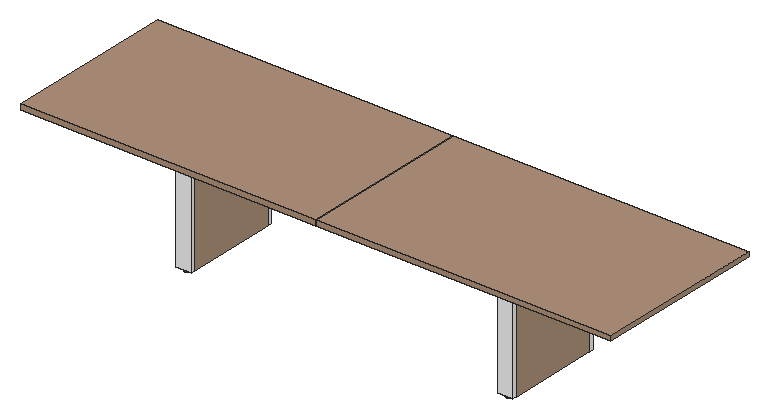
Revit family "Tables-Meeting-Teknion-BC_CRP_Rectangular_Conference_Table_Panel_Bases-R2019", category Furniture, Revit 2019
Family settings
  OmniClass Number = 23.40.20.00
  OmniClass Title = General Furniture and Specialties
  Work Plane-Based = No
  Always vertical = Yes
  Cut with Voids When Loaded = No
  Shared = Yes
  Room Calculation Point = No
Parameters (values of type "1 3/16" Worksurface Thickness, 42" Depth")
  Worksurface Thickness = 1.189"
  Worksurface Finish [instance] = Source Laminate - Teknion - 3M - Provincial Oak
  Width [instance] = 144.000"
  Warranty = "http://www.teknion.com/ca/papers/legal-canada"
  Unit Weight URL = "http://www.teknion.com/ca/tools/assets#&asset=bee6a381-b954-425e-8283-5a2de3a804f2,f828d448-4b62-4231-9e5f-9a8991c0ed77"
  URL = "www.teknion.com"
  Two Sections [instance] = not(Three Sections)  # yes
  To render please download texture images found here [instance] = "https://assets.teknion.com/web/5e81352c1dfdb467/revit-material-swatches/"
  Three Sections [instance] = Width > 175.000"  # no
  Third Leg Visibility [instance] = Width > 150.000"  # no
  Sustainability Data = "https://www.teknion.com/ca/tools/assets#&topic=216f99a5-57a0-44fc-b10a-9dee9b29ae4c&asset=444deb64-fe58-4b68-981e-f75e97781df7,b4ff2d81-9f2e-437d-9659-7cffb09c31cf"
  Support Finish [instance] = Paint - Teknion - Mica - Very White
  Straight Corner [instance] = not(Radius Corner)  # yes
  Series = "Expansion Casegoods"  # constant formula
  Rounded [instance] = if(Radius Corner, 4.000", 0.500")  # 0.500"
  Radius Corner [instance] = no
  Product Page URL = "https://www.teknion.com/ca/products/product-details?productlineid=0053336e-8e7a-673b-a6c8-ff00004460c4"
  Product Line = "Expansion Casegoods"  # constant formula
  Product Documentation Link = "https://www.teknion.com/pricing/expansion-casegoods/pdfs/BC_CRP_ppg.pdf"
  Power Pill Two Section Visibility [instance] = Power Pill Two Section Length Offset = 4.000"  # no
  Power Pill Two Section Length Offset [instance] = if(and(Power Pill Quad, Two Sections), 4.000", 0.500")  # 0.500"
  Power Pill Three Section Visibility [instance] = Power Pill Three Section Length Offset = 4.000"  # no
  Power Pill Three Section Length Offset [instance] = if(and(Power Pill Quad, Three Sections), 4.000", 0.500")  # 0.500"
  Power Pill Quad [instance] = no
  Power Module Cut-Out Options [instance] = "Select one of the options below"  # constant formula
  Part Number = "BC_CRP"  # constant formula
  No Cut-Out [instance] = not(or([Linear Power Module Extended  28"], [Linear Power Module Standard 18"], Power Pill Quad))  # yes
  Model = "BCMCRP42______"
  Manufacturer Phone = "416-661-3370"  # constant formula
  Manufacturer Fax = "416.661.4586"  # constant formula
  Manufacturer Contact Information = "http://www.teknion.com/ca/contactus"
  Manufacturer Address = "1150 Flint Road, Toronto, ON. M3J 2J5. Canada"  # constant formula
  Manufacturer = "Teknion"  # constant formula
  Linear Power Module Standard 18" [instance] = no
  Linear Power Module Extended  28" [instance] = no
  Linear 28 Length Offset [instance] = if([Linear Power Module Extended  28"], 4.000", 0.500")  # 0.500"
  Linear 18 Two Section Visibility [instance] = Linear 18 Two Section Length Offset = 4.000"  # no
  Linear 18 Two Section Length Offset [instance] = if(and([Linear Power Module Standard 18"], Two Sections), 4.000", 0.500")  # 0.500"
  Linear 18 Three Section Visibility [instance] = Linear 18 Three Section Length Offset = 4.000"  # no
  Linear 18 Three Section Length Offset [instance] = if(and([Linear Power Module Standard 18"], Three Sections), 4.000", 0.500")  # 0.500"
  Leg Offset [instance] = if(Width = 108.000", 26.730", if(Width = 120.000", 32.700", if(Width = 132.000", 26.670", if(Width = 144.000", 32.640", if(Width = 156.000", 26.610", if(Width = 168.000", 32.580", if(Width = 180.000", 26.550", if(Width = 192.000", 32.520", if(Width = 204.000", 26.490", 32.460")))))))))  # 32.640"
  How To Use Teknion Materials User Guide [instance] = "https://assets.teknion.com/m/205dd0a49fa58060/original/How-to-add-a-Material-Library-and-Texture-Images-to-your-Revit-project.pdf"
  Frame Depth = if(Depth > 53.000", 30.000", 24.000")  # 24.000"
  For Additional Finishes please visit [instance] = "https://assets.teknion.com/m/44a8009b046e5d47/original/Teknion_Materials_Library.zip"
  Description = "Rectangular Conference Table - Panel Bases, 1 3/16\" Worksurface Thickness, 42\" Depth"
  Depth = 41.790"
  Base Infill Finish [instance] = Source Laminate - Teknion - 3M - Provincial Oak
  Available Widths [instance] = if(Depth = 41.790", "108\", 120\", 132\", 144\", 156\", or 168\"", if(Depth = 47.760", "108\", 120\", 132\", 144\", 156\", or 168\"", if(Depth = 53.730", "120\", 132\", 144\", 156\", 168\", 180\", or 192\"", "144\", 156\", 168\", 180\", 192\", 204\", or 216\"")))  # "108\", 120\", 132\", 144\", 156\", or 168\""
  Available Corner Detail [instance] = "Select one of the options below"  # constant formula
  Assembly Code = "E2020200"
  Actual Width [instance] = if(Width = 108.000", 107.460", if(Width = 120.000", 119.460", if(Width = 132.000", 131.340", if(Width = 144.000", 143.280", if(Width = 156.000", 155.220", if(Width = 168.000", 167.160", if(Width = 180.000", 179.100", if(Width = 192.000", 191.040", if(Width = 204.000", 202.920", 214.920")))))))))  # 143.280"
  Three Straight [instance] = and(Straight Corner, Three Sections)  # no
  Three Round [instance] = and(Radius Corner, Three Sections)  # no
  Two Straight [instance] = and(Straight Corner, Two Sections)  # yes
  Two Round [instance] = and(Radius Corner, Two Sections)  # no
Types (8): name | Worksurface Thickness | Model | Frame Depth | Description | Depth | Available Widths
  (no name) | 1.189" | "BCMCRP42______" | 24.000" | "Rectangular Conference Table - Panel Bases, 1 3/16\" Worksurface Thickness, 42\" Depth" | 41.790" | "108\", 120\", 132\", 144\", 156\", or 168\""
  1 3/16" Worksurface Thickness, 60" Depth | 1.189" | "BCMCRP60______" | 30.000" | "Rectangular Conference Table - Panel Bases, 1 3/16\" Worksurface Thickness, 60\" Depth" | 59.700" | "144\", 156\", 168\", 180\", 192\", 204\", or 216\""
  1 3/16" Worksurface Thickness, 54" Depth | 1.189" | "BCMCRP54______" | 30.000" | "Rectangular Conference Table - Panel Bases, 1 3/16\" Worksurface Thickness, 54\" Depth" | 53.730" | "120\", 132\", 144\", 156\", 168\", 180\", or 192\""
  1 3/16" Worksurface Thickness, 48" Depth | 1.189" | "BCMCRP48______" | 24.000" | "Rectangular Conference Table - Panel Bases, 1 3/16\" Worksurface Thickness, 48\" Depth" | 47.760" | "108\", 120\", 132\", 144\", 156\", or 168\""
  1 3/16" Worksurface Thickness, 42" Depth | 1.189" | "BCMCRP42______" | 24.000" | "Rectangular Conference Table - Panel Bases, 1 3/16\" Worksurface Thickness, 42\" Depth" | 41.790" | "108\", 120\", 132\", 144\", 156\", or 168\""
  1 9/16" Worksurface Thickness, 42" Depth | 1.55491" | "BCXCRP42______" | 24.000" | "Rectangular Conference Table - Panel Bases, 1 9/16\" Worksurface Thickness, 42\" Depth" | 41.790" | "108\", 120\", 132\", 144\", 156\", or 168\""
  1 9/16" Worksurface Thickness, 48" Depth | 1.555" | "BCXCRP48______" | 24.000" | "Rectangular Conference Table - Panel Bases, 1 9/16\" Worksurface Thickness, 48\" Depth" | 47.760" | "108\", 120\", 132\", 144\", 156\", or 168\""
  1 9/16" Worksurface Thickness, 54" Depth | 1.55491" | "BCXCRP54______" | 30.000" | "Rectangular Conference Table - Panel Bases, 1 9/16\" Worksurface Thickness, 54\" Depth" | 53.730" | "120\", 132\", 144\", 156\", 168\", 180\", or 192\""
Reference planes (in)
  plane 1 "Center Front/Back": y = 0
  plane 2: z = 0
  plane 3 "Center Left/Right": x = 0
  plane 4 "Left": x = -71.64
  plane 5 "Right": x = 71.64
  plane 6 "Back": y = 20.895
  plane 7 "Front": y = -20.895
  plane 8 "Top": z = 28.99609
  plane 9: x = -39
  plane 10: x = 39
  plane 11: y = 12
  plane 12: y = -12
  plane 13: x = -23.88
  plane 14: x = 23.88
  plane 15: x = -47.76
  plane 16: x = 47.76
  plane 17: x = -35.82
  plane 18: x = 35.82
  plane 19: z = 27.80709
Forms (in)
  Sweep 1, solid, material "Source Laminate - Teknion - 3M - Provincial Oak" <- "Worksurface Finish", visible <- "Two Sections"
    path origin (0, 0, 0) x (1, 0, 0) y (0, 0, 1)
      loop
        line (0, 27.80709) -> (0, 28.99609)
    profile origin (0, 0, 28.40159) x (-1, 0, 0) y (0, -1, 0)
      loop
        line (71.64, -20.895) -> (71.64, 20.895) -> (0, 20.895) -> (0, -20.895) -> (71.64, -20.895)
  Sweep 2, solid, material "Source Laminate - Teknion - 3M - Provincial Oak" <- "Worksurface Finish", visible <- "Two Sections"
    path origin (0, 0, 0) x (1, 0, 0) y (0, 0, 1)
      loop
        line (0, 27.80709) -> (0, 28.99609)
    profile origin (0, 0, 28.40159) x (-1, 0, 0) y (0, -1, 0)
      loop
        line (0, -20.895) -> (0, 20.895) -> (-71.64, 20.895) -> (-71.64, -20.895) -> (0, -20.895)
  Sweep 3, solid, material "Source Laminate - Teknion - 3M - Provincial Oak" <- "Worksurface Finish", visible <- "Three Sections"
    path origin (0, 0, 0) x (1, 0, 0) y (0, 0, 1)
      loop
        line (0, 27.80709) -> (0, 28.99609)
    profile origin (0, 0, 28.40159) x (-1, 0, 0) y (0, -1, 0)
      loop
        line (71.64, -20.895) -> (71.64, 20.895) -> (23.88, 20.895) -> (23.88, -20.895) -> (71.64, -20.895)
      loop
        line (-23.88, -20.895) -> (-23.88, 20.895) -> (-71.64, 20.895) -> (-71.64, -20.895) -> (-23.88, -20.895)
  Sweep 4, solid, material "Source Laminate - Teknion - 3M - Provincial Oak" <- "Worksurface Finish", visible <- "Three Sections"
    path origin (0, 0, 0) x (1, 0, 0) y (0, 0, 1)
      loop
        line (0, 27.80709) -> (0, 28.99609)
    profile origin (0, 0, 28.40159) x (-1, 0, 0) y (0, -1, 0)
      loop
        line (23.88, -20.895) -> (23.88, 20.895) -> (-23.88, 20.895) -> (-23.88, -20.895) -> (23.88, -20.895)
  Sweep 5, solid, material "Source Laminate - Teknion - 3M - Provincial Oak" <- "Base Infill Finish"
    path origin (0, 0, 0) x (1, 0, 0) y (0, 0, 1)
      loop
        line (0, 0.60236) -> (0, 24.79134)
    profile origin (0, 0, 12.69685) x (-1, 0, 0) y (0, -1, 0)
      loop
        line (40.19685, 11.05512) -> (40.19685, -11.05512) -> (40.89764, -11.05512) -> (40.89764, 11.05512) -> (40.19685, 11.05512)
      loop
        line (37.80315, 11.05512) -> (37.10236, 11.05512) -> (37.10236, -11.05512) -> (37.80315, -11.05512) -> (37.80315, 11.05512)
      loop
        line (-40.19685, 11.05512) -> (-40.89764, 11.05512) -> (-40.89764, -11.05512) -> (-40.19685, -11.05512) -> (-40.19685, 11.05512)
      loop
        line (-37.80315, 11.05512) -> (-37.80315, -11.05512) -> (-37.10236, -11.05512) -> (-37.10236, 11.05512) -> (-37.80315, 11.05512)
  Sweep 6, solid, material "Paint - Teknion - Mica - Very White" <- "Support Finish"
    path origin (0, 0, 0) x (1, 0, 0) y (0, 0, 1)
      loop
        line (0, 27.80709) -> (0, 0.60236)
    profile origin (0, 0, 14.20472) x (0, -1, 0) y (1, 0, 0)
      loop
        line (-11.17323, -40.89764) -> (-11.17323, -40.19685) -> (-11.05512, -40.19685) -> (-11.05512, -37.80315) -> (-11.17323, -37.80315) -> (-11.17323, -37.10236) -> (-12, -37.10236) -> (-12, -40.89764) -> (-11.17323, -40.89764)
      loop
        line (11.17323, -40.89764) -> (12, -40.89764) -> (12, -37.10236) -> (11.17323, -37.10236) -> (11.17323, -37.80315) -> (11.05512, -37.80315) -> (11.05512, -40.19685) -> (11.17323, -40.19685) -> (11.17323, -40.89764)
      loop
        line (-11.17323, 40.89764) -> (-12, 40.89764) -> (-12, 37.10236) -> (-11.17323, 37.10236) -> (-11.17323, 37.80315) -> (-11.05512, 37.80315) -> (-11.05512, 40.19685) -> (-11.17323, 40.19685) -> (-11.17323, 40.89764)
      loop
        line (11.17323, 40.89764) -> (11.17323, 40.19685) -> (11.05512, 40.19685) -> (11.05512, 37.80315) -> (11.17323, 37.80315) -> (11.17323, 37.10236) -> (12, 37.10236) -> (12, 40.89764) -> (11.17323, 40.89764)
  Sweep 7, solid, material "Source Laminate - Teknion - 3M - Provincial Oak" <- "Base Infill Finish", visible <- "Third Leg Visibility"
    path origin (0, 0, 0) x (1, 0, 0) y (0, 0, 1)
      loop
        line (0, 0.60236) -> (0, 24.79134)
    profile origin (0, 0, 12.69685) x (-1, 0, 0) y (0, -1, 0)
      loop
        line (1.89764, -11.05512) -> (1.89764, 11.05512) -> (1.19685, 11.05512) -> (1.19685, -11.05512) -> (1.89764, -11.05512)
      loop
        line (-1.89764, -11.05512) -> (-1.19685, -11.05512) -> (-1.19685, 11.05512) -> (-1.89764, 11.05512) -> (-1.89764, -11.05512)
  Sweep 8, solid, material "Paint - Teknion - Mica - Very White" <- "Support Finish", visible <- "Third Leg Visibility"
    path origin (0, 0, 0) x (1, 0, 0) y (0, 0, 1)
      loop
        line (0, 27.80709) -> (0, 0.60236)
    profile origin (0, 0, 14.20472) x (0, -1, 0) y (1, 0, 0)
      loop
        line (-12, -1.89764) -> (-11.17323, -1.89764) -> (-11.17323, -1.19685) -> (-11.05512, -1.19685) -> (-11.05512, 1.19685) -> (-11.17323, 1.19685) -> (-11.17323, 1.89764) -> (-12, 1.89764) -> (-12, -1.89764)
      loop
        line (12, -1.89764) -> (12, 1.89764) -> (11.17323, 1.89764) -> (11.17323, 1.19685) -> (11.05512, 1.19685) -> (11.05512, -1.19685) -> (11.17323, -1.19685) -> (11.17323, -1.89764) -> (12, -1.89764)
  Sweep 9, solid, material "Plastic - Teknion - E - Ebony"
    path origin (0, 0, 0) x (1, 0, 0) y (0, 0, 1)
      loop
        line (0, 0) -> (0, 0.60236)
    profile origin (0, 0, 0.30118) x (-1, 0, 0) y (0, -1, 0)
      loop
        circle (39, -10.71654) r 0.83
      loop
        circle (39, 10.71654) r 0.83
      loop
        circle (-39, -10.71654) r 0.83
      loop
        circle (-39, 10.71654) r 0.83
  Sweep 10, solid, material "Plastic - Teknion - E - Ebony", visible <- "Third Leg Visibility"
    path origin (0, 0, 0) x (1, 0, 0) y (0, 0, 1)
      loop
        line (0, 0) -> (0, 0.60236)
    profile origin (0, 0, 0.30118) x (-1, 0, 0) y (0, -1, 0)
      loop
        circle (0, -10.71654) r 0.83
      loop
        circle (0, 10.71654) r 0.83
  Sweep 11, void
    path origin (0, 0, 0) x (1, 0, 0) y (0, 0, 1)
      loop
        line (0, 26.49609) -> (0, 25.99609)
    profile origin (0, 0, 26.24609) x (0, -1, 0) y (1, 0, 0)
      loop
        line (20.895, -71.64) -> (20.895, -68.765)
        arc (20.895, -68.765) -> (20.05293, -70.79793) -> (18.02, -71.64) r 2.875
        line (18.02, -71.64) -> (20.895, -71.64)
      loop
        line (-20.895, -71.64) -> (-18.02, -71.64)
        arc (-18.02, -71.64) -> (-20.05293, -70.79793) -> (-20.895, -68.765) r 2.875
        line (-20.895, -68.765) -> (-20.895, -71.64)
      loop
        line (20.895, 71.64) -> (18.02, 71.64)
        arc (18.02, 71.64) -> (20.05293, 70.79793) -> (20.895, 68.765) r 2.875
        line (20.895, 68.765) -> (20.895, 71.64)
      loop
        line (-20.895, 71.64) -> (-20.895, 68.765)
        arc (-20.895, 68.765) -> (-20.05293, 70.79793) -> (-18.02, 71.64) r 2.875
        line (-18.02, 71.64) -> (-20.895, 71.64)
  Sweep 12, void
    path origin (0, 0, 0) x (1, 0, 0) y (0, 0, 1)
      loop
        line (0, 25.99609) -> (0, 26.49609)
    profile origin (0, 0, 26.24609) x (-1, 0, 0) y (0, -1, 0)
      loop
        line (13.4252, -2.32283) -> (13.4252, 2.32283) -> (-13.4252, 2.32283) -> (-13.4252, -2.32283) -> (13.4252, -2.32283)
  Sweep 13, void
    path origin (0, 0, 0) x (1, 0, 0) y (0, 0, 1)
      loop
        line (0, 25.99609) -> (0, 26.49609)
    profile origin (0, 0, 26.24609) x (-1, 0, 0) y (0, -1, 0)
      loop
        line (44.20583, 2.32283) -> (27.43417, 2.32283) -> (27.43417, -2.32283) -> (44.20583, -2.32283) -> (44.20583, 2.32283)
      loop
        line (-44.20583, 2.32283) -> (-44.20583, -2.32283) -> (-27.43417, -2.32283) -> (-27.43417, 2.32283) -> (-44.20583, 2.32283)
  Sweep 14, void
    path origin (0, 0, 0) x (1, 0, 0) y (0, 0, 1)
      loop
        line (0, 25.99609) -> (0, 26.49609)
    profile origin (0, 0, 26.24609) x (-1, 0, 0) y (0, -1, 0)
      loop
        line (8.38583, 2.32283) -> (-8.38583, 2.32283) -> (-8.38583, -2.32283) -> (8.38583, -2.32283) -> (8.38583, 2.32283)
      loop
        line (-39.37417, 2.32283) -> (-56.14583, 2.32283) -> (-56.14583, -2.32283) -> (-39.37417, -2.32283) -> (-39.37417, 2.32283)
      loop
        line (56.14583, 2.32283) -> (39.37417, 2.32283) -> (39.37417, -2.32283) -> (56.14583, -2.32283) -> (56.14583, 2.32283)
  Sweep 15, void
    path origin (0, 0, 0) x (1, 0, 0) y (0, 0, 1)
      loop
        line (0, 26.49609) -> (0, 25.99609)
    profile origin (0, 0, 26.24609) x (0, -1, 0) y (1, 0, 0)
      loop
        arc (-1.65354, 33.57591) -> (0, 31.92236) -> (1.65354, 33.57591) r 1.65354
        line (1.65354, 33.57591) -> (1.65354, 38.06409)
        arc (1.65354, 38.06409) -> (0, 39.71764) -> (-1.65354, 38.06409) r 1.65354
        line (-1.65354, 38.06409) -> (-1.65354, 33.57591)
      loop
        arc (-1.65354, -38.06409) -> (0, -39.71764) -> (1.65354, -38.06409) r 1.65354
        line (1.65354, -38.06409) -> (1.65354, -33.57591)
        arc (1.65354, -33.57591) -> (0, -31.92236) -> (-1.65354, -33.57591) r 1.65354
        line (-1.65354, -33.57591) -> (-1.65354, -38.06409)
  Sweep 16, void
    path origin (0, 0, 0) x (1, 0, 0) y (0, 0, 1)
      loop
        line (0, 25.99609) -> (0, 26.49609)
    profile origin (0, 0, 26.24609) x (-1, 0, 0) y (0, -1, 0)
      loop
        arc (2.24409, -1.65354) -> (3.89764, 0) -> (2.24409, 1.65354) r 1.65354
        line (2.24409, 1.65354) -> (-2.24409, 1.65354)
        arc (-2.24409, 1.65354) -> (-3.89764, 0) -> (-2.24409, -1.65354) r 1.65354
        line (-2.24409, -1.65354) -> (2.24409, -1.65354)
      loop
        arc (-45.51591, -1.65354) -> (-43.86236, 0) -> (-45.51591, 1.65354) r 1.65354
        line (-45.51591, 1.65354) -> (-50.00409, 1.65354)
        arc (-50.00409, 1.65354) -> (-51.65764, 0) -> (-50.00409, -1.65354) r 1.65354
        line (-50.00409, -1.65354) -> (-45.51591, -1.65354)
      loop
        arc (50.00409, -1.65354) -> (51.65764, 0) -> (50.00409, 1.65354) r 1.65354
        line (50.00409, 1.65354) -> (45.51591, 1.65354)
        arc (45.51591, 1.65354) -> (43.86236, 0) -> (45.51591, -1.65354) r 1.65354
        line (45.51591, -1.65354) -> (50.00409, -1.65354)
Cuts and joins
  Sweep 11, Sweep 14, Sweep 16 cuts Sweep 3
  Sweep 11, Sweep 12, Sweep 13, Sweep 15 cuts Sweep 1
  Sweep 11, Sweep 12, Sweep 13, Sweep 15 cuts Sweep 2
  Sweep 12, Sweep 14, Sweep 16 cuts Sweep 4
Lines and regions (in)
  Masking region 1, visible <- "Two Straight"
    outline origin (0, 0, 0) x (1, 0, 0) y (0, 1, 0)
      loop
        line (0, 20.895) -> (-71.64, 20.895) -> (-71.64, -20.895) -> (0, -20.895) -> (0, 20.895)
  Masking region 2, visible <- "Two Straight"
    outline origin (0, 0, 0) x (1, 0, 0) y (0, 1, 0)
      loop
        line (0, 20.895) -> (0, -20.895) -> (71.64, -20.895) -> (71.64, 20.895) -> (0, 20.895)
  Masking region 3, visible <- "Three Sections"
    outline origin (0, 0, 0) x (1, 0, 0) y (0, 1, 0)
      loop
        line (-23.88, 20.895) -> (-23.88, -20.895) -> (23.88, -20.895) -> (23.88, 20.895) -> (-23.88, 20.895)
  Masking region 4, visible <- "Three Straight"
    outline origin (0, 0, 0) x (1, 0, 0) y (0, 1, 0)
      loop
        line (-71.64, 20.895) -> (-71.64, -20.895) -> (-23.88, -20.895) -> (-23.88, 20.895) -> (-71.64, 20.895)
  Masking region 5, visible <- "Three Straight"
    outline origin (0, 0, 0) x (1, 0, 0) y (0, 1, 0)
      loop
        line (23.88, 20.895) -> (23.88, -20.895) -> (71.64, -20.895) -> (71.64, 20.895) -> (23.88, 20.895)
  Masking region 6, visible <- "Three Round"
    outline origin (0, 0, 0) x (1, 0, 0) y (0, 1, 0)
      loop
        line (-71.64, 18.02) -> (-71.64, -18.02)
        arc (-71.64, -18.02) -> (-70.79793, -20.05293) -> (-68.765, -20.895) r 2.875
        line (-68.765, -20.895) -> (-23.88, -20.895) -> (-23.88, 20.895) -> (-68.765, 20.895)
        arc (-68.765, 20.895) -> (-70.79793, 20.05293) -> (-71.64, 18.02) r 2.875
      loop
        arc (71.64, 18.02) -> (70.79793, 20.05293) -> (68.765, 20.895) r 2.875
        line (68.765, 20.895) -> (23.88, 20.895) -> (23.88, -20.895) -> (68.765, -20.895)
        arc (68.765, -20.895) -> (70.79793, -20.05293) -> (71.64, -18.02) r 2.875
        line (71.64, -18.02) -> (71.64, 18.02)
  Masking region 7, visible <- "Two Round"
    outline origin (0, 0, 0) x (1, 0, 0) y (0, 1, 0)
      loop
        line (0, 20.895) -> (-68.765, 20.895)
        arc (-68.765, 20.895) -> (-70.79793, 20.05293) -> (-71.64, 18.02) r 2.875
        line (-71.64, 18.02) -> (-71.64, -18.02)
        arc (-71.64, -18.02) -> (-70.79793, -20.05293) -> (-68.765, -20.895) r 2.875
        line (-68.765, -20.895) -> (0, -20.895) -> (0, 20.895)
  Masking region 8, visible <- "Two Round"
    outline origin (0, 0, 0) x (1, 0, 0) y (0, 1, 0)
      loop
        line (0, 20.895) -> (0, -20.895) -> (68.765, -20.895)
        arc (68.765, -20.895) -> (70.79793, -20.05293) -> (71.64, -18.02) r 2.875
        line (71.64, -18.02) -> (71.64, 18.02)
        arc (71.64, 18.02) -> (70.79793, 20.05293) -> (68.765, 20.895) r 2.875
        line (68.765, 20.895) -> (0, 20.895)
  symbolic lines, style "FurnitureHiddenLines", detail levels medium+fine
    curve 1: line (-40.89764, 11.05512, 0) -> (-40.89764, -11.05512, 0)
    curve 2: line (-40.89764, -11.05512, 0) -> (-40.19685, -11.05512, 0)
    curve 3: line (-40.19685, -11.05512, 0) -> (-40.19685, 11.05512, 0)
    curve 4: line (-40.19685, 11.05512, 0) -> (-40.89764, 11.05512, 0)
    curve 5: line (-37.80315, 11.05512, 0) -> (-37.80315, -11.05512, 0)
    curve 6: line (-37.80315, -11.05512, 0) -> (-37.10236, -11.05512, 0)
    curve 7: line (-37.10236, -11.05512, 0) -> (-37.10236, 11.05512, 0)
    curve 8: line (-37.10236, 11.05512, 0) -> (-37.80315, 11.05512, 0)
    curve 9: line (40.89764, -11.05512, 0) -> (40.89764, 11.05512, 0)
    curve 10: line (40.89764, 11.05512, 0) -> (40.19685, 11.05512, 0)
    curve 11: line (40.19685, 11.05512, 0) -> (40.19685, -11.05512, 0)
    curve 12: line (40.19685, -11.05512, 0) -> (40.89764, -11.05512, 0)
    curve 13: line (37.10236, 11.05512, 0) -> (37.10236, -11.05512, 0)
    curve 14: line (37.10236, -11.05512, 0) -> (37.80315, -11.05512, 0)
    curve 15: line (37.80315, -11.05512, 0) -> (37.80315, 11.05512, 0)
    curve 16: line (37.80315, 11.05512, 0) -> (37.10236, 11.05512, 0)
    curve 17: line (-37.10236, 12, 0) -> (-40.89764, 12, 0)
    curve 18: line (-40.89764, 12, 0) -> (-40.89764, 11.17323, 0)
    curve 19: line (-40.89764, 11.17323, 0) -> (-40.19685, 11.17323, 0)
    curve 20: line (-40.19685, 11.17323, 0) -> (-40.19685, 11.05512, 0)
    curve 21: line (-40.19685, 11.05512, 0) -> (-37.80315, 11.05512, 0)
    curve 22: line (-37.80315, 11.05512, 0) -> (-37.80315, 11.17323, 0)
    curve 23: line (-37.80315, 11.17323, 0) -> (-37.10236, 11.17323, 0)
    curve 24: line (-37.10236, 11.17323, 0) -> (-37.10236, 12, 0)
    curve 25: line (-37.80315, -11.05512, 0) -> (-40.19685, -11.05512, 0)
    curve 26: line (-40.19685, -11.05512, 0) -> (-40.19685, -11.17323, 0)
    curve 27: line (-40.19685, -11.17323, 0) -> (-40.89764, -11.17323, 0)
    curve 28: line (-40.89764, -11.17323, 0) -> (-40.89764, -12, 0)
    curve 29: line (-40.89764, -12, 0) -> (-37.10236, -12, 0)
    curve 30: line (-37.10236, -12, 0) -> (-37.10236, -11.17323, 0)
    curve 31: line (-37.10236, -11.17323, 0) -> (-37.80315, -11.17323, 0)
    curve 32: line (-37.80315, -11.17323, 0) -> (-37.80315, -11.05512, 0)
    curve 33: line (37.10236, 12, 0) -> (37.10236, 11.17323, 0)
    curve 34: line (37.10236, 11.17323, 0) -> (37.80315, 11.17323, 0)
    curve 35: line (37.80315, 11.17323, 0) -> (37.80315, 11.05512, 0)
    curve 36: line (37.80315, 11.05512, 0) -> (40.19685, 11.05512, 0)
    curve 37: line (40.19685, 11.05512, 0) -> (40.19685, 11.17323, 0)
    curve 38: line (40.19685, 11.17323, 0) -> (40.89764, 11.17323, 0)
    curve 39: line (40.89764, 11.17323, 0) -> (40.89764, 12, 0)
    curve 40: line (40.89764, 12, 0) -> (37.10236, 12, 0)
    curve 41: line (37.10236, -11.17323, 0) -> (37.10236, -12, 0)
    curve 42: line (37.10236, -12, 0) -> (40.89764, -12, 0)
    curve 43: line (40.89764, -12, 0) -> (40.89764, -11.17323, 0)
    curve 44: line (40.89764, -11.17323, 0) -> (40.19685, -11.17323, 0)
    curve 45: line (40.19685, -11.17323, 0) -> (40.19685, -11.05512, 0)
    curve 46: line (40.19685, -11.05512, 0) -> (37.80315, -11.05512, 0)
    curve 47: line (37.80315, -11.05512, 0) -> (37.80315, -11.17323, 0)
    curve 48: line (37.80315, -11.17323, 0) -> (37.10236, -11.17323, 0)
  symbolic lines, style "FurnitureHiddenLines", visible <- "Third Leg Visibility", detail levels medium+fine
    curve 49: line (-1.19685, -11.05512, 0) -> (-1.19685, 11.05512, 0)
    curve 50: line (-1.19685, 11.05512, 0) -> (-1.89764, 11.05512, 0)
    curve 51: line (-1.89764, 11.05512, 0) -> (-1.89764, -11.05512, 0)
    curve 52: line (-1.89764, -11.05512, 0) -> (-1.19685, -11.05512, 0)
    curve 53: line (1.89764, -11.05512, 0) -> (1.89764, 11.05512, 0)
    curve 54: line (1.89764, 11.05512, 0) -> (1.19685, 11.05512, 0)
    curve 55: line (1.19685, 11.05512, 0) -> (1.19685, -11.05512, 0)
    curve 56: line (1.19685, -11.05512, 0) -> (1.89764, -11.05512, 0)
    curve 57: line (-1.89764, -12, 0) -> (1.89764, -12, 0)
    curve 58: line (1.89764, -12, 0) -> (1.89764, -11.17323, 0)
    curve 59: line (1.89764, -11.17323, 0) -> (1.19685, -11.17323, 0)
    curve 60: line (1.19685, -11.17323, 0) -> (1.19685, -11.05512, 0)
    curve 61: line (1.19685, -11.05512, 0) -> (-1.19685, -11.05512, 0)
    curve 62: line (-1.19685, -11.05512, 0) -> (-1.19685, -11.17323, 0)
    curve 63: line (-1.19685, -11.17323, 0) -> (-1.89764, -11.17323, 0)
    curve 64: line (-1.89764, -11.17323, 0) -> (-1.89764, -12, 0)
    curve 65: line (-1.89764, 12, 0) -> (-1.89764, 11.17323, 0)
    curve 66: line (-1.89764, 11.17323, 0) -> (-1.19685, 11.17323, 0)
    curve 67: line (-1.19685, 11.17323, 0) -> (-1.19685, 11.05512, 0)
    curve 68: line (-1.19685, 11.05512, 0) -> (1.19685, 11.05512, 0)
    curve 69: line (1.19685, 11.05512, 0) -> (1.19685, 11.17323, 0)
    curve 70: line (1.19685, 11.17323, 0) -> (1.89764, 11.17323, 0)
    curve 71: line (1.89764, 11.17323, 0) -> (1.89764, 12, 0)
    curve 72: line (1.89764, 12, 0) -> (-1.89764, 12, 0)
  symbolic lines, style "FurnitureHiddenLines", detail levels fine
    curve 73: arc (-39.83, 10.71654, 0) -> (-39, 9.88654, 0) -> (-38.17, 10.71654, 0) r 0.83
    curve 74: arc (-38.17, 10.71654, 0) -> (-39, 11.54654, 0) -> (-39.83, 10.71654, 0) r 0.83
    curve 75: arc (-38.17, -10.71654, 0) -> (-39, -9.88654, 0) -> (-39.83, -10.71654, 0) r 0.83
    curve 76: arc (-39.83, -10.71654, 0) -> (-39, -11.54654, 0) -> (-38.17, -10.71654, 0) r 0.83
    curve 81: arc (38.17, 10.71654, 0) -> (39, 9.88654, 0) -> (39.83, 10.71654, 0) r 0.83
    curve 82: arc (39.83, 10.71654, 0) -> (39, 11.54654, 0) -> (38.17, 10.71654, 0) r 0.83
    curve 83: arc (39.83, -10.71654, 0) -> (39, -9.88654, 0) -> (38.17, -10.71654, 0) r 0.83
    curve 84: arc (38.17, -10.71654, 0) -> (39, -11.54654, 0) -> (39.83, -10.71654, 0) r 0.83
  symbolic lines, style "FurnitureHiddenLines", visible <- "Third Leg Visibility", detail levels fine
    curve 77: arc (0.83, -10.71654, 0) -> (0, -9.88654, 0) -> (-0.83, -10.71654, 0) r 0.83
    curve 78: arc (-0.83, -10.71654, 0) -> (0, -11.54654, 0) -> (0.83, -10.71654, 0) r 0.83
    curve 79: arc (-0.83, 10.71654, 0) -> (0, 9.88654, 0) -> (0.83, 10.71654, 0) r 0.83
    curve 80: arc (0.83, 10.71654, 0) -> (0, 11.54654, 0) -> (-0.83, 10.71654, 0) r 0.83
  symbolic lines, visible <- "Power Pill Two Section Visibility"
    curve 85: line (-38.06409, -1.65354, 0) -> (-33.57591, -1.65354, 0)
    curve 86: arc (-33.57591, -1.65354, 0) -> (-31.92236, 0, 0) -> (-33.57591, 1.65354, 0) r 1.65354
    curve 87: line (-33.57591, 1.65354, 0) -> (-38.06409, 1.65354, 0)
    curve 88: arc (-38.06409, 1.65354, 0) -> (-39.71764, 0, 0) -> (-38.06409, -1.65354, 0) r 1.65354
    curve 89: line (38.06409, 1.65354, 0) -> (33.57591, 1.65354, 0)
    curve 90: arc (33.57591, 1.65354, 0) -> (31.92236, 0, 0) -> (33.57591, -1.65354, 0) r 1.65354
    curve 91: line (33.57591, -1.65354, 0) -> (38.06409, -1.65354, 0)
    curve 92: arc (38.06409, -1.65354, 0) -> (39.71764, 0, 0) -> (38.06409, 1.65354, 0) r 1.65354
  symbolic lines, visible <- "Linear 18 Two Section Visibility"
    curve 93: line (-44.20583, -2.32283, 0) -> (-27.43417, -2.32283, 0)
    curve 94: line (-27.43417, -2.32283, 0) -> (-27.43417, 2.32283, 0)
    curve 95: line (-27.43417, 2.32283, 0) -> (-44.20583, 2.32283, 0)
    curve 96: line (-44.20583, 2.32283, 0) -> (-44.20583, -2.32283, 0)
    curve 97: line (27.43417, -2.32283, 0) -> (44.20583, -2.32283, 0)
    curve 98: line (44.20583, -2.32283, 0) -> (44.20583, 2.32283, 0)
    curve 99: line (44.20583, 2.32283, 0) -> (27.43417, 2.32283, 0)
    curve 100: line (27.43417, 2.32283, 0) -> (27.43417, -2.32283, 0)
  symbolic lines, visible <- "Linear Power Module Extended  28""
    curve 101: line (13.4252, 2.32283, 0) -> (-13.4252, 2.32283, 0)
    curve 102: line (-13.4252, 2.32283, 0) -> (-13.4252, -2.32283, 0)
    curve 103: line (-13.4252, -2.32283, 0) -> (13.4252, -2.32283, 0)
    curve 104: line (13.4252, -2.32283, 0) -> (13.4252, 2.32283, 0)
  symbolic lines, visible <- "Linear 18 Three Section Visibility"
    curve 105: line (-8.38583, 2.32283, 0) -> (-8.38583, -2.32283, 0)
    curve 106: line (-8.38583, -2.32283, 0) -> (8.38583, -2.32283, 0)
    curve 107: line (8.38583, -2.32283, 0) -> (8.38583, 2.32283, 0)
    curve 108: line (8.38583, 2.32283, 0) -> (-8.38583, 2.32283, 0)
    curve 109: line (-56.14583, -2.32283, 0) -> (-39.37417, -2.32283, 0)
    curve 110: line (-39.37417, -2.32283, 0) -> (-39.37417, 2.32283, 0)
    curve 111: line (-39.37417, 2.32283, 0) -> (-56.14583, 2.32283, 0)
    curve 112: line (-56.14583, 2.32283, 0) -> (-56.14583, -2.32283, 0)
    curve 113: line (39.37417, -2.32283, 0) -> (56.14583, -2.32283, 0)
    curve 114: line (56.14583, -2.32283, 0) -> (56.14583, 2.32283, 0)
    curve 115: line (56.14583, 2.32283, 0) -> (39.37417, 2.32283, 0)
    curve 116: line (39.37417, 2.32283, 0) -> (39.37417, -2.32283, 0)
  symbolic lines, visible <- "Power Pill Three Section Visibility"
    curve 117: arc (-2.24409, 1.65354, 0) -> (-3.89764, 0, 0) -> (-2.24409, -1.65354, 0) r 1.65354
    curve 118: line (-2.24409, -1.65354, 0) -> (2.24409, -1.65354, 0)
    curve 119: arc (2.24409, -1.65354, 0) -> (3.89764, 0, 0) -> (2.24409, 1.65354, 0) r 1.65354
    curve 120: line (2.24409, 1.65354, 0) -> (-2.24409, 1.65354, 0)
    curve 121: line (50.00409, 1.65354, 0) -> (45.51591, 1.65354, 0)
    curve 122: arc (45.51591, 1.65354, 0) -> (43.86236, 0, 0) -> (45.51591, -1.65354, 0) r 1.65354
    curve 123: line (45.51591, -1.65354, 0) -> (50.00409, -1.65354, 0)
    curve 124: arc (50.00409, -1.65354, 0) -> (51.65764, 0, 0) -> (50.00409, 1.65354, 0) r 1.65354
    curve 125: line (-45.51591, 1.65354, 0) -> (-50.00409, 1.65354, 0)
    curve 126: arc (-50.00409, 1.65354, 0) -> (-51.65764, 0, 0) -> (-50.00409, -1.65354, 0) r 1.65354
    curve 127: line (-50.00409, -1.65354, 0) -> (-45.51591, -1.65354, 0)
    curve 128: arc (-45.51591, -1.65354, 0) -> (-43.86236, 0, 0) -> (-45.51591, 1.65354, 0) r 1.65354
Dimensions and locks (in)
  "Actual Width": plane 4 "Left" to plane 5 "Right"
  "Depth": plane 6 "Back" to plane 7 "Front"
  locked: plane 19 to level at 27.80709
  equal spacing: plane 4 "Left", plane 3 "Center Left/Right", plane 5 "Right"
  equal spacing: plane 6 "Back", plane 1 "Center Front/Back", plane 7 "Front"
  "Leg Offset": plane 4 "Left" to plane 9
  "Leg Offset": plane 10 to plane 5 "Right"
  equal spacing: plane 11, plane 1 "Center Front/Back", plane 12
  "Frame Depth": plane 11 to plane 12
  equal spacing: plane 4 "Left", plane 13, plane 14, plane 5 "Right"
  locked: Sweep 1 sketch curve to level at 27.80709
  locked: Sweep 2 sketch curve to level at 27.80709
  locked: Sweep 3 sketch curve to level at 27.80709
  locked: Sweep 4 sketch curve to level at 27.80709
  Sweep 5 sketch curve to Sweep 5 sketch curve to level = 24.18898" locked, 0.60236" locked
  Sweep 5 sketch curve to Sweep 5 sketch curve to plane 9 to Sweep 5 sketch curve to Sweep 5 sketch curve = 0.70078" locked, 1.19685" locked, 1.19685" locked, 0.70078" locked
  Sweep 5 sketch curve to Sweep 5 sketch curve to plane 10 to Sweep 5 sketch curve to Sweep 5 sketch curve = 0.70078" locked, 1.19685" locked, 1.19685" locked, 0.70078" locked
  plane 11 to Sweep 5 sketch curve to Sweep 5 sketch curve to Sweep 5 sketch curve to Sweep 5 sketch curve = 0.94488" locked, 0.000" locked, 0.000" locked, 0.000" locked
  Sweep 5 sketch curve to Sweep 5 sketch curve to Sweep 5 sketch curve to Sweep 5 sketch curve to plane 12 = 0.000" locked, 0.000" locked, 0.000" locked, 0.94488" locked
  Sweep 6 sketch curve to Sweep 6 sketch curve to level = 27.20472" locked, 0.60236" locked
  Sweep 6 sketch curve to Sweep 6 sketch curve to Sweep 6 sketch curve to Sweep 6 sketch curve to plane 9 to Sweep 6 sketch curve to Sweep 6 sketch curve to Sweep 6 sketch curve to Sweep 6 sketch curve = 0.000" locked, 0.70078" locked, 0.000" locked, 1.19685" locked, 1.19685" locked, 0.000" locked, 0.70078" locked, 0.000" locked
  Sweep 6 sketch curve to Sweep 6 sketch curve to Sweep 6 sketch curve to Sweep 6 sketch curve to plane 10 to Sweep 6 sketch curve to Sweep 6 sketch curve to Sweep 6 sketch curve to Sweep 6 sketch curve = 0.000" locked, 0.70078" locked, 0.000" locked, 1.19685" locked, 1.19685" locked, 0.000" locked, 0.70078" locked, 0.000" locked
  plane 11 to Sweep 6 sketch curve to Sweep 6 sketch curve to Sweep 6 sketch curve to Sweep 6 sketch curve to Sweep 6 sketch curve to Sweep 6 sketch curve to Sweep 6 sketch curve to Sweep 6 sketch curve = 0.000" locked, 0.000" locked, 0.82677" locked, 0.000" locked, 0.000" locked, 0.000" locked, 0.11811" locked, 0.000" locked
  Sweep 6 sketch curve to Sweep 6 sketch curve to Sweep 6 sketch curve to Sweep 6 sketch curve to Sweep 6 sketch curve to Sweep 6 sketch curve to plane 12 to Sweep 6 sketch curve to Sweep 6 sketch curve = 0.000" locked, 0.11811" locked, 0.000" locked, 0.000" locked, 0.000" locked, 0.82677" locked, 0.000" locked, 0.000" locked
  Sweep 7 sketch curve to Sweep 7 sketch curve to level = 24.18898" locked, 0.60236" locked
  Sweep 7 sketch curve to Sweep 7 sketch curve to plane 12 = 0.000" locked, 0.94488" locked
  plane 11 to Sweep 7 sketch curve to Sweep 7 sketch curve = 0.94488" locked, 0.000" locked
  Sweep 7 sketch curve to Sweep 7 sketch curve to plane 3 "Center Left/Right" to Sweep 7 sketch curve to Sweep 7 sketch curve = 0.70079" locked, 1.19685" locked, 1.19685" locked, 0.70079" locked
  Sweep 8 sketch curve to Sweep 8 sketch curve to level = 27.20472" locked, 0.60236" locked
  Sweep 8 sketch curve to Sweep 8 sketch curve to Sweep 8 sketch curve to Sweep 8 sketch curve to plane 3 "Center Left/Right" to Sweep 8 sketch curve to Sweep 8 sketch curve to Sweep 8 sketch curve to Sweep 8 sketch curve = 0.000" locked, 0.70079" locked, 0.000" locked, 1.19685" locked, 1.19685" locked, 0.000" locked, 0.70079" locked, 0.000" locked
  Sweep 8 sketch curve to Sweep 8 sketch curve to Sweep 8 sketch curve to plane 12 to Sweep 8 sketch curve = 0.11811" locked, 0.000" locked, 0.82677" locked, 0.000" locked
  Sweep 8 sketch curve to plane 11 to Sweep 8 sketch curve to Sweep 8 sketch curve to Sweep 8 sketch curve = 0.000" locked, 0.82677" locked, 0.000" locked, 0.11811" locked
  Sweep 9 sketch curve to level to Sweep 9 sketch curve = 0.60236" locked, 0.000" locked
  plane 9 to Sweep 9 sketch curve to Sweep 9 sketch curve = 0.000" locked, 0.000" locked
  plane 10 to Sweep 9 sketch curve to Sweep 9 sketch curve = 0.000" locked, 0.000" locked
  plane 11 to Sweep 9 sketch curve to Sweep 9 sketch curve = 1.28346" locked, 0.000" locked
  Sweep 9 sketch curve to Sweep 9 sketch curve to plane 12 = 0.000" locked, 1.28346" locked
  Sweep 10 sketch curve to level to Sweep 10 sketch curve = 0.60236" locked, 0.000" locked
  locked: plane 11 to Sweep 10 sketch curve at 1.28346
  locked: Sweep 10 sketch curve to plane 12 at 1.28346
  plane 3 "Center Left/Right" to Sweep 10 sketch curve to Sweep 10 sketch curve = 0.000" locked, 0.000" locked
  locked: plane 8 "Top" to Sweep 11 sketch curve at 3
  "Rounded": Sweep 11 sketch curve to Sweep 11 sketch curve
  Sweep 11 sketch curve to plane 4 "Left" to Sweep 11 sketch curve = 0.000" locked, 2.875" locked  (x2)
  Sweep 11 sketch curve to plane 7 "Front" to Sweep 11 sketch curve = 0.000" locked, 2.875" locked
  Sweep 11 sketch curve to plane 5 "Right" to Sweep 11 sketch curve = 0.000" locked, 2.875" locked  (x2)
  Sweep 11 sketch curve to Sweep 11 sketch curve to plane 7 "Front" = 2.875" locked, 0.000" locked
  Sweep 11 sketch curve to plane 6 "Back" to Sweep 11 sketch curve = 0.000" locked, 2.875" locked
  Sweep 11 sketch curve to Sweep 11 sketch curve to plane 6 "Back" = 2.875" locked, 0.000" locked
  locked: plane 8 "Top" to Sweep 12 sketch curve at 3
  "Linear 28 Length Offset": Sweep 12 sketch curve to Sweep 12 sketch curve
  Sweep 12 sketch curve to plane 3 "Center Left/Right" to Sweep 12 sketch curve = 13.4252" locked, 13.4252" locked
  Sweep 12 sketch curve to plane 1 "Center Front/Back" to Sweep 12 sketch curve = 2.32283" locked, 2.32283" locked
  equal spacing: plane 4 "Left", plane 15, plane 13
  equal spacing: plane 14, plane 16, plane 5 "Right"
  equal spacing: plane 4 "Left", plane 17, plane 3 "Center Left/Right"
  equal spacing: plane 3 "Center Left/Right", plane 18, plane 5 "Right"
  locked: plane 8 "Top" to Sweep 13 sketch curve at 3
  "Linear 18 Two Section Length Offset": Sweep 13 sketch curve to Sweep 13 sketch curve
  Sweep 13 sketch curve to Sweep 13 sketch curve to plane 1 "Center Front/Back" to Sweep 13 sketch curve to Sweep 13 sketch curve = 0.000" locked, 2.32283" locked, 2.32283" locked, 0.000" locked
  Sweep 13 sketch curve to plane 17 to Sweep 13 sketch curve = 8.38583" locked, 8.38583" locked
  Sweep 13 sketch curve to plane 18 to Sweep 13 sketch curve = 8.38583" locked, 8.38583" locked
  locked: plane 8 "Top" to Sweep 14 sketch curve at 3
  "Linear 18 Three Section Length Offset": Sweep 14 sketch curve to Sweep 14 sketch curve
  Sweep 14 sketch curve to plane 15 to Sweep 14 sketch curve = 8.38583" locked, 8.38583" locked
  Sweep 14 sketch curve to plane 3 "Center Left/Right" to Sweep 14 sketch curve = 8.38583" locked, 8.38583" locked
  Sweep 14 sketch curve to plane 16 to Sweep 14 sketch curve = 8.38583" locked, 8.38583" locked
  Sweep 14 sketch curve to Sweep 14 sketch curve to Sweep 14 sketch curve to plane 1 "Center Front/Back" to Sweep 14 sketch curve to Sweep 14 sketch curve to Sweep 14 sketch curve = 0.000" locked, 0.000" locked, 2.32283" locked, 2.32283" locked, 0.000" locked, 0.000" locked
  locked: plane 8 "Top" to Sweep 15 sketch curve at 3
  "Power Pill Two Section Length Offset": Sweep 15 sketch curve to Sweep 15 sketch curve
  Sweep 15 sketch curve to plane 1 "Center Front/Back" to Sweep 15 sketch curve to Sweep 15 sketch curve to Sweep 15 sketch curve = 1.65354", 0.000", 0.000", 1.65354"
  Sweep 15 sketch curve to plane 18 to Sweep 15 sketch curve = 2.24409" locked, 2.24409" locked
  Sweep 15 sketch curve to plane 17 to Sweep 15 sketch curve = 2.24409" locked, 2.24409" locked
  Sweep 15 sketch curve to plane 1 "Center Front/Back" to Sweep 15 sketch curve to Sweep 15 sketch curve to Sweep 15 sketch curve = 1.65354" locked, 0.000" locked, 0.000" locked, 1.65354" locked
  locked: plane 8 "Top" to Sweep 16 sketch curve at 3
  "Power Pill Three Section Length Offset": Sweep 16 sketch curve to Sweep 16 sketch curve
  Sweep 16 sketch curve to Sweep 16 sketch curve to Sweep 16 sketch curve to plane 1 "Center Front/Back" to Sweep 16 sketch curve to Sweep 16 sketch curve to Sweep 16 sketch curve to Sweep 16 sketch curve to Sweep 16 sketch curve to Sweep 16 sketch curve to Sweep 16 sketch curve to Sweep 16 sketch curve to Sweep 16 sketch curve = 0.000" locked, 0.000" locked, 1.65354" locked, 0.000" locked, 0.000" locked, 0.000" locked, 0.000" locked, 0.000" locked, 0.000" locked, 1.65354" locked, 0.000" locked, 0.000" locked
  Sweep 16 sketch curve to plane 15 to Sweep 16 sketch curve = 2.24409" locked, 2.24409" locked
  Sweep 16 sketch curve to plane 3 "Center Left/Right" to Sweep 16 sketch curve = 2.24409" locked, 2.24409" locked
  Sweep 16 sketch curve to plane 16 to Sweep 16 sketch curve = 2.24409" locked, 2.24409" locked
  "Worksurface Thickness": plane 8 "Top" to plane 19
  aligned and locked: level to plane 2
  aligned and locked: plane 3 "Center Left/Right" to Sweep 1 sketch curve
  aligned and locked: plane 8 "Top" to Sweep 1 sketch curve
  aligned and locked: Sweep 1 sketch curve to plane 6 "Back"
  aligned and locked: Sweep 1 sketch curve to plane 3 "Center Left/Right"
  aligned and locked: plane 4 "Left" to Sweep 1 sketch curve
  aligned and locked: Sweep 1 sketch curve to plane 7 "Front"
  aligned and locked: plane 8 "Top" to Sweep 2 sketch curve
  aligned and locked: plane 3 "Center Left/Right" to Sweep 2 sketch curve  (x2)
  aligned and locked: Sweep 2 sketch curve to plane 6 "Back"
  aligned and locked: plane 5 "Right" to Sweep 2 sketch curve
  aligned and locked: Sweep 2 sketch curve to plane 7 "Front"
  aligned and locked: plane 8 "Top" to Sweep 3 sketch curve
  aligned and locked: plane 3 "Center Left/Right" to Sweep 3 sketch curve
  aligned and locked: Sweep 3 sketch curve to plane 13
  aligned and locked: Sweep 3 sketch curve to plane 6 "Back"  (x2)
  aligned and locked: Sweep 3 sketch curve to plane 7 "Front"  (x2)
  aligned and locked: plane 14 to Sweep 3 sketch curve
  aligned and locked: plane 5 "Right" to Sweep 3 sketch curve
  aligned and locked: plane 4 "Left" to Sweep 3 sketch curve
  aligned and locked: plane 3 "Center Left/Right" to Sweep 4 sketch curve
  aligned and locked: plane 8 "Top" to Sweep 4 sketch curve
  aligned and locked: Sweep 4 sketch curve to plane 6 "Back"
  aligned and locked: Sweep 4 sketch curve to plane 7 "Front"
  aligned and locked: plane 13 to Sweep 4 sketch curve
  aligned and locked: Sweep 4 sketch curve to plane 14
  aligned and locked: plane 3 "Center Left/Right" to Sweep 5 sketch curve
  aligned and locked: Sweep 6 sketch curve to plane 3 "Center Left/Right"
  aligned and locked: plane 3 "Center Left/Right" to Sweep 7 sketch curve
  aligned and locked: Sweep 8 sketch curve to plane 3 "Center Left/Right"
  aligned and locked: plane 3 "Center Left/Right" to Sweep 9 sketch curve
  aligned and locked: plane 3 "Center Left/Right" to Sweep 10 sketch curve
  aligned and locked: Sweep 11 sketch curve to plane 3 "Center Left/Right"
  aligned and locked: plane 3 "Center Left/Right" to Sweep 12 sketch curve
  aligned and locked: plane 3 "Center Left/Right" to Sweep 13 sketch curve
  aligned and locked: plane 3 "Center Left/Right" to Sweep 14 sketch curve
  aligned and locked: Sweep 15 sketch curve to plane 3 "Center Left/Right"
  aligned and locked: plane 3 "Center Left/Right" to Sweep 16 sketch curve
  aligned and locked: plane 6 "Back" to Masking region 1 sketch curve
  aligned and locked: Masking region 1 sketch curve to plane 4 "Left"
  aligned and locked: plane 3 "Center Left/Right" to Masking region 1 sketch curve
  aligned and locked: plane 7 "Front" to Masking region 1 sketch curve
  aligned and locked: Masking region 2 sketch curve to plane 3 "Center Left/Right"
  aligned and locked: Masking region 2 sketch curve to plane 6 "Back"
  aligned and locked: plane 5 "Right" to Masking region 2 sketch curve
  aligned and locked: plane 7 "Front" to Masking region 2 sketch curve
  aligned and locked: Masking region 3 sketch curve to plane 6 "Back"
  aligned and locked: Masking region 3 sketch curve to plane 14
  aligned and locked: Masking region 3 sketch curve to plane 7 "Front"
  aligned and locked: plane 13 to Masking region 3 sketch curve
  aligned and locked: Masking region 4 sketch curve to plane 4 "Left"
  aligned and locked: Masking region 4 sketch curve to plane 6 "Back"
  aligned and locked: Masking region 4 sketch curve to plane 13
  aligned and locked: plane 7 "Front" to Masking region 4 sketch curve
  aligned and locked: Masking region 5 sketch curve to plane 14
  aligned and locked: Masking region 5 sketch curve to plane 6 "Back"
  aligned and locked: plane 5 "Right" to Masking region 5 sketch curve
  aligned and locked: plane 7 "Front" to Masking region 5 sketch curve
  aligned and locked: Masking region 6 sketch curve to plane 13
  aligned and locked: plane 7 "Front" to Masking region 6 sketch curve
  aligned and locked: plane 4 "Left" to Masking region 6 sketch curve
  aligned and locked: Masking region 6 sketch curve to plane 6 "Back"
  aligned and locked: Masking region 6 sketch curve to plane 14
  aligned and locked: plane 6 "Back" to Masking region 6 sketch curve
  aligned and locked: Masking region 6 sketch curve to plane 5 "Right"
  aligned and locked: Masking region 6 sketch curve to plane 7 "Front"
  aligned and locked: Masking region 7 sketch curve to plane 6 "Back"
  aligned and locked: Masking region 7 sketch curve to plane 3 "Center Left/Right"
  aligned and locked: plane 7 "Front" to Masking region 7 sketch curve
  aligned and locked: Masking region 7 sketch curve to plane 4 "Left"
  aligned and locked: Masking region 8 sketch curve to plane 6 "Back"
  aligned and locked: plane 5 "Right" to Masking region 8 sketch curve
  aligned and locked: plane 7 "Front" to Masking region 8 sketch curve
  aligned and locked: Masking region 8 sketch curve to plane 3 "Center Left/Right"
  aligned and locked: curve 1 to Sweep 5
  aligned and locked: curve 2 to Sweep 5
  aligned and locked: curve 3 to Sweep 5
  aligned and locked: curve 4 to Sweep 5
  aligned and locked: curve 5 to Sweep 5
  aligned and locked: curve 6 to Sweep 5
  aligned and locked: curve 7 to Sweep 5
  aligned and locked: curve 8 to Sweep 5
  aligned and locked: curve 9 to Sweep 5
  aligned and locked: curve 10 to Sweep 5
  aligned and locked: curve 11 to Sweep 5
  aligned and locked: curve 12 to Sweep 5
  aligned and locked: curve 13 to Sweep 5
  aligned and locked: curve 14 to Sweep 5
  aligned and locked: curve 15 to Sweep 5
  aligned and locked: curve 16 to Sweep 5
  aligned and locked: curve 17 to Sweep 6
  aligned and locked: curve 18 to Sweep 6
  aligned and locked: curve 19 to Sweep 6
  aligned and locked: curve 20 to Sweep 6
  aligned and locked: curve 23 to Sweep 6
  aligned and locked: curve 24 to Sweep 6
  aligned and locked: curve 27 to Sweep 6
  aligned and locked: curve 28 to Sweep 6
  aligned and locked: curve 29 to Sweep 6
  aligned and locked: curve 30 to Sweep 6
  aligned and locked: curve 31 to Sweep 6
  aligned and locked: curve 33 to Sweep 6
  aligned and locked: curve 34 to Sweep 6
  aligned and locked: curve 35 to Sweep 6
  aligned and locked: curve 38 to Sweep 6
  aligned and locked: curve 39 to Sweep 6
  aligned and locked: curve 40 to Sweep 6
  aligned and locked: curve 41 to Sweep 6
  aligned and locked: curve 48 to Sweep 6
  aligned and locked: curve 42 to plane 12
  aligned and locked: curve 43 to Sweep 6
  aligned and locked: curve 44 to Sweep 6
  aligned and locked: curve 49 to Sweep 7
  aligned and locked: curve 50 to Sweep 7
  aligned and locked: curve 51 to Sweep 7
  aligned and locked: curve 52 to Sweep 7
  aligned and locked: curve 53 to Sweep 7
  aligned and locked: curve 54 to Sweep 7
  aligned and locked: curve 55 to Sweep 7
  aligned and locked: curve 56 to Sweep 7
  aligned and locked: curve 57 to Sweep 8
  aligned and locked: curve 58 to Sweep 8
  aligned and locked: curve 59 to Sweep 8
  aligned and locked: curve 63 to Sweep 8
  aligned and locked: curve 64 to Sweep 8
  aligned and locked: curve 65 to Sweep 8
  aligned and locked: curve 66 to Sweep 8
  aligned and locked: curve 70 to Sweep 8
  aligned and locked: curve 71 to Sweep 8
  aligned and locked: curve 72 to Sweep 8
  aligned and locked: curve 73 to Sweep 9
  aligned and locked: curve 74 to Sweep 9
  aligned and locked: curve 75 to Sweep 9
  aligned and locked: curve 76 to Sweep 9
  aligned and locked: curve 77 to Sweep 10
  aligned and locked: curve 78 to Sweep 10
  aligned and locked: curve 79 to Sweep 10
  aligned and locked: curve 80 to Sweep 10
  aligned and locked: curve 81 to Sweep 9
  aligned and locked: curve 82 to Sweep 9
  aligned and locked: curve 83 to Sweep 9
  aligned and locked: curve 84 to Sweep 9
  aligned and locked: curve 86 to Sweep 15
  aligned and locked: curve 88 to Sweep 15
  aligned and locked: curve 90 to Sweep 15
  aligned and locked: curve 92 to Sweep 15
  aligned and locked: curve 93 to Sweep 13
  aligned and locked: curve 94 to Sweep 13
  aligned and locked: curve 95 to Sweep 13
  aligned and locked: curve 96 to Sweep 13
  aligned and locked: curve 97 to Sweep 13
  aligned and locked: curve 98 to Sweep 13
  aligned and locked: curve 99 to Sweep 13
  aligned and locked: curve 100 to Sweep 13
  aligned and locked: curve 101 to Sweep 12
  aligned and locked: curve 102 to Sweep 12
  aligned and locked: curve 103 to Sweep 12
  aligned and locked: curve 104 to Sweep 12
  aligned and locked: curve 105 to Sweep 14
  aligned and locked: curve 106 to Sweep 14
  aligned and locked: curve 107 to Sweep 14
  aligned and locked: curve 108 to Sweep 14
  aligned and locked: curve 109 to Sweep 14
  aligned and locked: curve 110 to Sweep 14
  aligned and locked: curve 111 to Sweep 14
  aligned and locked: curve 112 to Sweep 14
  aligned and locked: curve 113 to Sweep 14
  aligned and locked: curve 114 to Sweep 14
  aligned and locked: curve 115 to Sweep 14
  aligned and locked: curve 116 to Sweep 14
  aligned and locked: curve 117 to Sweep 16
  aligned and locked: curve 119 to Sweep 16
  aligned and locked: curve 122 to Sweep 16
  aligned and locked: curve 124 to Sweep 16
  aligned and locked: curve 126 to Sweep 16
  aligned and locked: curve 128 to Sweep 16
Automatic sketch dimensions
  Sweep 10 sketch curve to Sweep 10 sketch curve = 0.830"  (x2)
  plane 4 "Left" to Masking region 6 sketch curve = 2.875"
  Masking region 6 sketch curve to Masking region 6 sketch curve = 2.875"  (x3)
  plane 4 "Left" to Masking region 7 sketch curve = 2.875"  (x2)
  plane 5 "Right" to Masking region 8 sketch curve = 2.875"  (x2)
  radius of Sweep 9 sketch curve = 0.830"  (x4)
